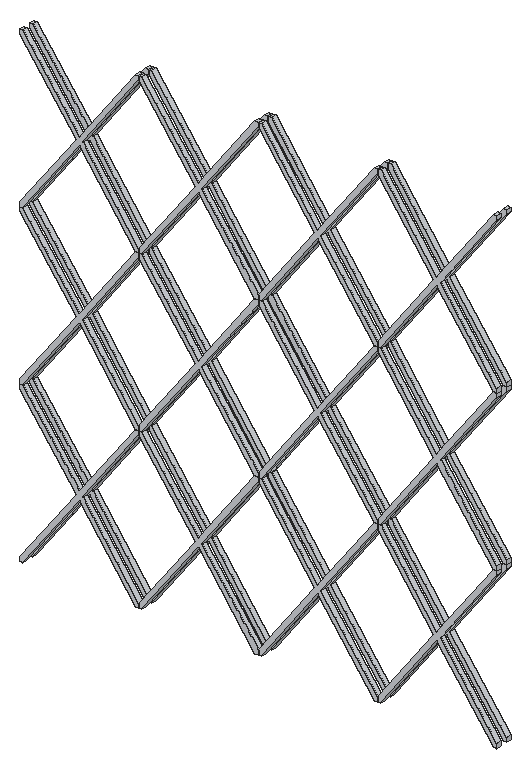
Revit family "875c9873ddab41728236f92464c557f8", category Generic Models, Revit 2021
Family settings
  Can host rebar = No
  Round Connector Dimension = Use Diameter
  Part Type = Normal
  Work Plane-Based = No
  Always vertical = Yes
  Cut with Voids When Loaded = No
  Shared = Yes
  Room Calculation Point = No
Parameters
  Distance = 0' - 0 3/4"
  Width [instance] = 4' - 0"
  Thickness = 0' - 0 1/2"
  Height [instance] = 4' - 0"
  Interior Material [instance] = none
  Exterior Material [instance] = none
  Default Elevation = 0' - 0"
Reference planes (in)
  plane 1 "Center (Front/Back)": y = 0
  plane 2: z = 0
  plane 3 "Center (Left/Right)": x = 0
  plane 4: z = 48
  plane 5: x = -24
  plane 6: x = 24
  plane 7: z = 32
  plane 8: z = 16
  plane 9: x = -12
  plane 10: x = 12
Dimensions and locks (in)
  "Width": plane 6 to plane 5
  "Height": plane 4 to plane 2
  equal spacing: plane 6, plane 10, plane 3 "Center (Left/Right)", plane 9, plane 5
  equal spacing: plane 4, plane 7, plane 8, plane 2
  aligned and locked: plane 2 to level
  aligned and locked: plane 1 "Center (Front/Back)" to nested 1
  aligned and locked: plane 1 "Center (Front/Back)" to nested 2
  aligned and locked: plane 1 "Center (Front/Back)" to nested 3
  aligned and locked: plane 1 "Center (Front/Back)" to nested 4
  aligned and locked: plane 1 "Center (Front/Back)" to nested 5
  aligned and locked: plane 1 "Center (Front/Back)" to nested 6
  aligned and locked: plane 6 to nested 5
  aligned and locked: plane 6 to nested 4
  aligned and locked: plane 6 to nested 3
  aligned and locked: plane 10 to nested 5
  aligned and locked: plane 2 to nested 5
  aligned and locked: plane 8 to nested 5
  aligned and locked: plane 10 to nested 4
  aligned and locked: plane 8 to nested 4
  aligned and locked: plane 7 to nested 4
  aligned and locked: plane 10 to nested 3
  aligned and locked: plane 7 to nested 3
  aligned and locked: plane 4 to nested 3
  aligned and locked: plane 10 to nested 2
  aligned and locked: plane 3 "Center (Left/Right)" to nested 2
  aligned and locked: plane 2 to nested 2
  aligned and locked: plane 8 to nested 2
  aligned and locked: plane 8 to nested 1
  aligned and locked: plane 7 to nested 1
  aligned and locked: plane 10 to nested 1
  aligned and locked: plane 3 "Center (Left/Right)" to nested 1
  aligned and locked: plane 3 "Center (Left/Right)" to nested 6
  aligned and locked: plane 10 to nested 6
  aligned and locked: plane 4 to nested 6
  aligned and locked: plane 7 to nested 6
  aligned and locked: plane 1 "Center (Front/Back)" to nested 9
  aligned and locked: plane 1 "Center (Front/Back)" to nested 12
  aligned and locked: plane 1 "Center (Front/Back)" to nested 10
  aligned and locked: plane 1 "Center (Front/Back)" to nested 7
  aligned and locked: plane 1 "Center (Front/Back)" to nested 11
  aligned and locked: plane 1 "Center (Front/Back)" to nested 8
  aligned and locked: plane 3 "Center (Left/Right)" to nested 9
  aligned and locked: plane 3 "Center (Left/Right)" to nested 10
  aligned and locked: plane 3 "Center (Left/Right)" to nested 11
  aligned and locked: plane 2 to nested 11
  aligned and locked: plane 8 to nested 11
  aligned and locked: plane 8 to nested 10
  aligned and locked: plane 7 to nested 10
  aligned and locked: plane 7 to nested 9
  aligned and locked: plane 4 to nested 9
  aligned and locked: plane 9 to nested 9
  aligned and locked: plane 9 to nested 10
  aligned and locked: plane 9 to nested 11
  aligned and locked: plane 9 to nested 12
  aligned and locked: plane 9 to nested 7
  aligned and locked: plane 9 to nested 8
  aligned and locked: plane 5 to nested 8
  aligned and locked: plane 5 to nested 7
  aligned and locked: plane 5 to nested 12
  aligned and locked: plane 2 to nested 8
  aligned and locked: plane 8 to nested 8
  aligned and locked: plane 8 to nested 7
  aligned and locked: plane 7 to nested 12
  aligned and locked: plane 7 to nested 7
  aligned and locked: plane 4 to nested 12
Nested families (in)
  nested 1: "Muntin Pattern_Diamond" at (6, 0, 16), Exterior Material <- "Exterior Material", Interior Material <- "Interior Material", type "Muntin Pattern_Diamond"
    with W 1' - 0", Interior Material none, H 1' - 4", Exterior Material none
  nested 2: "Muntin Pattern_Diamond" at (6, 0, 0), Exterior Material <- "Exterior Material", Interior Material <- "Interior Material", type "Muntin Pattern_Diamond"
    with W 1' - 0", Interior Material none, H 1' - 4", Exterior Material none
  nested 3: "Muntin Pattern_Diamond" at (18, 0, 32), Exterior Material <- "Exterior Material", Interior Material <- "Interior Material", type "Muntin Pattern_Diamond"
    with W 1' - 0", Interior Material none, H 1' - 4", Exterior Material none
  nested 4: "Muntin Pattern_Diamond" at (18, 0, 16), Exterior Material <- "Exterior Material", Interior Material <- "Interior Material", type "Muntin Pattern_Diamond"
    with W 1' - 0", Interior Material none, H 1' - 4", Exterior Material none
  nested 5: "Muntin Pattern_Diamond" at (18, 0, 0), Exterior Material <- "Exterior Material", Interior Material <- "Interior Material", type "Muntin Pattern_Diamond"
    with W 1' - 0", Interior Material none, H 1' - 4", Exterior Material none
  nested 6: "Muntin Pattern_Diamond" at (6, 0, 32), Exterior Material <- "Exterior Material", Interior Material <- "Interior Material", type "Muntin Pattern_Diamond"
    with W 1' - 0", Interior Material none, H 1' - 4", Exterior Material none
  nested 7: "Muntin Pattern_Diamond" at (-18, 0, 16), Exterior Material <- "Exterior Material", Interior Material <- "Interior Material", type "Muntin Pattern_Diamond"
    with W 1' - 0", Interior Material none, H 1' - 4", Exterior Material none
  nested 8: "Muntin Pattern_Diamond" at (-18, 0, 0), Exterior Material <- "Exterior Material", Interior Material <- "Interior Material", type "Muntin Pattern_Diamond"
    with W 1' - 0", Interior Material none, H 1' - 4", Exterior Material none
  nested 9: "Muntin Pattern_Diamond" at (-6, 0, 32), Exterior Material <- "Exterior Material", Interior Material <- "Interior Material", type "Muntin Pattern_Diamond"
    with W 1' - 0", Interior Material none, H 1' - 4", Exterior Material none
  nested 10: "Muntin Pattern_Diamond" at (-6, 0, 16), Exterior Material <- "Exterior Material", Interior Material <- "Interior Material", type "Muntin Pattern_Diamond"
    with W 1' - 0", Interior Material none, H 1' - 4", Exterior Material none
  nested 11: "Muntin Pattern_Diamond" at (-6, 0, 0), Exterior Material <- "Exterior Material", Interior Material <- "Interior Material", type "Muntin Pattern_Diamond"
    with W 1' - 0", Interior Material none, H 1' - 4", Exterior Material none
  nested 12: "Muntin Pattern_Diamond" at (-18, 0, 32), Exterior Material <- "Exterior Material", Interior Material <- "Interior Material", type "Muntin Pattern_Diamond"
    with W 1' - 0", Interior Material none, H 1' - 4", Exterior Material none
Definition of nested family "Muntin Pattern_Diamond"
  Parameters (values of type "Muntin Pattern_Diamond")
    W [instance] = 4' - 0"
    Thickness = 0' - 0 1/2"
    H [instance] = 4' - 0"
    Interior Material [instance] = none
    Distance = 0' - 0 3/4"
    Exterior Material [instance] = none
    Default Elevation = 0' - 0"
  Reference planes (in)
    plane 1 "Center (Front/Back)": y = 0
    plane 2: z = 0
    plane 3 "Center (Left/Right)": x = 0
    plane 4: z = 48
    plane 5: x = -24
    plane 6: x = 24
    plane 7: z = 24
    plane 8: y = 0.375
    plane 9: y = -0.375
    plane 10: y = 0.875
    plane 11: y = -0.875
  Forms (in)
    Extrusion 1, solid, material <- "Exterior Material", detail levels fine
      sketch origin (-24, 0, 48) x (0.707107, 0, -0.707107) y (0.707107, 0, 0.707107)
        loop
          line (0, 0.25) -> (0, -0.25) -> (67.88225, -0.25) -> (67.88225, 0.25) -> (0, 0.25)
      from -0.875 to -0.375
    Extrusion 2, solid, material <- "Exterior Material", detail levels fine
      sketch origin (24, 0, 48) x (-0.707107, 0, -0.707107) y (0.707107, 0, -0.707107)
        loop
          line (67.88225, 0.25) -> (0, 0.25) -> (0, -0.25) -> (67.88225, -0.25) -> (67.88225, 0.25)
      from -0.875 to -0.375
    Extrusion 3, void
      sketch origin (0, 0, 0) x (1, 0, 0) y (0, 0, 1)
        loop
          line (-24, 48) -> (-24, 0) -> (24, 0) -> (24, 48) -> (-24, 48)
        loop
          line (-24.5, 48.5) -> (-24.5, -0.5) -> (24.5, -0.5) -> (24.5, 48.5) -> (-24.5, 48.5)
      from -0.875 to 0.875
    Extrusion 4, solid, material <- "Interior Material", detail levels fine
      sketch origin (-24, 0, 48) x (0.707107, 0, -0.707107) y (0.707107, 0, 0.707107)
        loop
          line (0, 0.25) -> (0, -0.25) -> (67.88225, -0.25) -> (67.88225, 0.25) -> (0, 0.25)
      from 0.375 to 0.875
    Extrusion 5, solid, material <- "Interior Material", detail levels fine
      sketch origin (24, 0, 48) x (-0.707107, 0, -0.707107) y (0.707107, 0, -0.707107)
        loop
          line (0, -0.25) -> (67.88225, -0.25) -> (67.88225, 0.25) -> (0, 0.25) -> (0, -0.25)
      from 0.375 to 0.875
  Cuts and joins
    Extrusion 3 cuts Extrusion 1
    Extrusion 3 cuts Extrusion 2
    joined: Extrusion 1, Extrusion 2
    Extrusion 3 cuts Extrusion 4
    Extrusion 3 cuts Extrusion 5
    joined: Extrusion 4, Extrusion 5
  Lines and regions (in)
    reference lines
      curve 1: line (-24, 0, 48) -> (24, 0, 0)
      curve 2: line (24, 0, 48) -> (-24, 0, 0)
      curve 3: line (-24, 0, 48) -> (-17.98959, 0, 54.01041)
      curve 4: line (24, 0, 0) -> (31.6014, 0, 7.6014)
      curve 5: line (-21.20495, 0, 44.8514) -> (16.78122, 0, 6.86522)
      curve 6: line (-20.8514, 0, 45.20495) -> (17.13478, 0, 7.21878)
      curve 7: line (24, 0, 48) -> (18.87348, 0, 53.12652)
      curve 8: line (-24, 0, 0) -> (-28.24264, 0, 4.24264)
      curve 9: line (-23.82322, 0, -0.17678) -> (22.31549, 0, 45.96194)
      curve 10: line (-24.17678, 0, 0.17678) -> (21.96194, 0, 46.31549)
    model lines, detail levels medium
      curve 11: line (24, 0.375, 0) -> (-24, 0.375, 48)
      curve 12: line (24, 0.375, 48) -> (-24, 0.375, 0)
      curve 13: line (24, -0.375, 0) -> (-24, -0.375, 48)
      curve 14: line (24, -0.375, 48) -> (-24, -0.375, 0)
  Dimensions and locks (in)
    equal spacing: plane 6, plane 3 "Center (Left/Right)", plane 5
    "W": plane 6 to plane 5
    "H": plane 4 to plane 2
    equal spacing: plane 4, plane 7, plane 2
    equal spacing: curve 5, curve 1, curve 6
    "Thickness": curve 5 to curve 6
    equal spacing: curve 9, curve 2, curve 10
    "Thickness": curve 9 to curve 10
    "Thickness": Extrusion 3 sketch curve to plane 6
    "Thickness": plane 2 to Extrusion 3 sketch curve
    "Thickness": plane 5 to Extrusion 3 sketch curve
    "Thickness": Extrusion 3 sketch curve to plane 4
    "Distance": plane 8 to plane 9
    equal spacing: plane 8, plane 1 "Center (Front/Back)", plane 9
    "Thickness": plane 10 to plane 8
    "Thickness": plane 9 to plane 11
    locked: curve 1 to curve 3 (angle 90.00°)
    locked: curve 4 to curve 1 (angle 90.00°)
    locked: curve 7 to curve 2 (angle 90.00°)
    locked: curve 2 to curve 8 (angle 90.00°)
    aligned and locked: plane 2 to level
    aligned and locked: plane 4 to curve 1
    aligned and locked: plane 5 to curve 1
    aligned and locked: plane 2 to curve 2
    aligned and locked: plane 5 to curve 2
    aligned and locked: plane 6 to curve 1
    aligned and locked: plane 2 to curve 1
    aligned and locked: plane 6 to curve 2
    aligned and locked: plane 4 to curve 2
    aligned and locked: plane 4 to curve 3
    aligned and locked: plane 5 to curve 3
    aligned and locked: plane 6 to curve 4
    aligned and locked: plane 2 to curve 4
    aligned and locked: Extrusion 1 sketch curve to curve 5
    aligned and locked: Extrusion 1 sketch curve to curve 3
    aligned and locked: Extrusion 1 sketch curve to curve 6
    aligned and locked: curve 6 to Extrusion 1 sketch curve
    aligned and locked: curve 5 to Extrusion 1 sketch curve
    aligned and locked: Extrusion 1 sketch curve to curve 4
    aligned and locked: curve 4 to Extrusion 1 sketch curve
    aligned and locked: plane 5 to curve 8
    aligned and locked: plane 2 to curve 8
    aligned and locked: plane 6 to curve 7
    aligned and locked: plane 4 to curve 7
    aligned and locked: Extrusion 2 sketch curve to curve 10  (x2)
    aligned and locked: Extrusion 2 sketch curve to curve 8  (x2)
    aligned and locked: curve 9 to Extrusion 2 sketch curve  (x2)
    aligned and locked: curve 7 to Extrusion 2 sketch curve
    aligned and locked: plane 5 to Extrusion 3 sketch curve
    aligned and locked: Extrusion 3 sketch curve to plane 4
    aligned and locked: Extrusion 3 sketch curve to plane 6
    aligned and locked: plane 2 to Extrusion 3 sketch curve
    aligned and locked: plane 10 to cut or joined group of Extrusion 1, Extrusion 2, Extrusion 3  (x2)
    aligned and locked: cut or joined group of Extrusion 1, Extrusion 2, Extrusion 3 to plane 8  (x2)
    aligned and locked: plane 10 to Extrusion 3
    aligned and locked: Extrusion 3 to plane 11
    aligned and locked: curve 3 to Extrusion 4 sketch curve
    aligned and locked: Extrusion 4 sketch curve to curve 3
    aligned and locked: Extrusion 4 sketch curve to curve 6
    aligned and locked: Extrusion 4 sketch curve to curve 5
    aligned and locked: Extrusion 4 sketch curve to curve 4
    aligned and locked: curve 6 to Extrusion 4 sketch curve
    aligned and locked: curve 5 to Extrusion 4 sketch curve
    aligned and locked: Extrusion 5 sketch curve to curve 9
    aligned and locked: Extrusion 5 sketch curve to curve 10
    aligned and locked: Extrusion 5 sketch curve to curve 7  (x2)
    aligned and locked: Extrusion 5 sketch curve to curve 8  (x2)
    aligned and locked: curve 9 to Extrusion 5 sketch curve
    aligned and locked: curve 10 to Extrusion 5 sketch curve
    aligned and locked: Extrusion 4 to plane 11
    aligned and locked: Extrusion 5 to plane 11
    aligned and locked: plane 9 to Extrusion 4
    aligned and locked: plane 9 to Extrusion 5
    aligned and locked: plane 2 to curve 11
    aligned and locked: plane 6 to curve 11
    aligned and locked: plane 5 to curve 11
    aligned and locked: plane 4 to curve 11
    aligned and locked: plane 5 to curve 12
    aligned and locked: plane 2 to curve 12
    aligned and locked: plane 4 to curve 12
    aligned and locked: plane 6 to curve 12
    aligned and locked: plane 2 to curve 13
    aligned and locked: plane 6 to curve 13
    aligned and locked: plane 4 to curve 14
    aligned and locked: plane 6 to curve 14
    aligned and locked: plane 4 to curve 13
    aligned and locked: plane 5 to curve 13
    aligned and locked: plane 2 to curve 14
    aligned and locked: plane 5 to curve 14
  Automatic sketch dimensions
    curve 1 to curve 6 = 0' - 4.20279"
    curve 1 to curve 5 = 0' - 4.20279"
    curve 5 to curve 1 = 0' - 9.95889"
    curve 6 to curve 5 = 0' - 0"
    curve 2 to curve 9 = 0' - 0"
    curve 2 to curve 9 = 0' - 2.63225"
    curve 2 to curve 10 = 0' - 2.63225"
